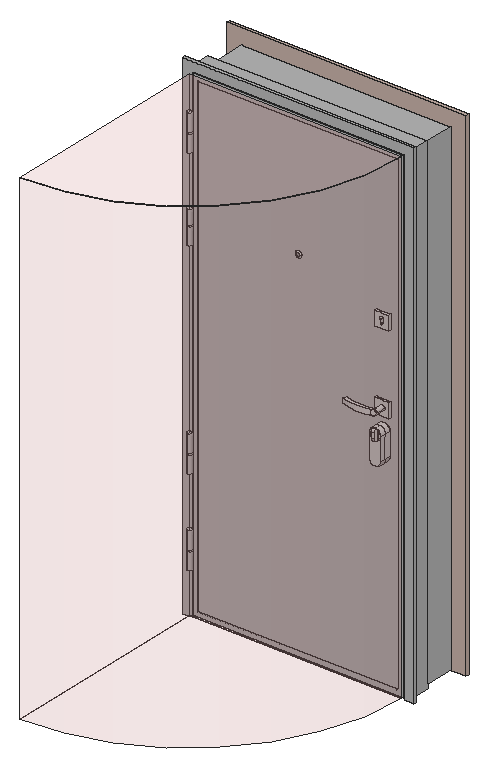
Revit family "ASSA ABLOY - DL1.3 PP30 RAPTOR, single-leaf, angular frame + PORTAL + Linus", category Doors, host Wall, Revit 2021
Family settings
  Host = Wall
  OmniClass Number = 23.30.10.00
  OmniClass Title = Doors
  Always vertical = Yes
  Cut with Voids When Loaded = No
  Shared = No
  Room Calculation Point = No
Parameters (values of type "800 x 2015 (808 x 2015)")
  View finder Height = 1530.000 mm  # constant formula
  URL = "https://www.assaabloy.com/pl/pl"
  Type Comments = "Leaf made of galvanized steel 1mm thick, four-side rebated. External cladding made of 6mm thick HDF/MDF panels."
  Symbol Radius = Door Leaf Width + 5.500 mm  # 895.000 mm
  Rough Width Conversion = 122.000 mm  # constant formula
  Rough Width Adjustment = 0.000 mm  # constant formula
  Rough Height Real = Height + Rough Height Conversion + Rough Height Adjustment  # 2075.000 mm
  Rough Height Conversion = 60.000 mm  # constant formula
  Rough Height Adjustment = 0.000 mm  # constant formula
  Rosette security set Height = Handle Height + 330.000 mm  # 1410.000 mm
  Portal Width Top [instance] = 80.000 mm
  Portal Width Right [instance] = 80.000 mm
  Portal Width Left [instance] = 80.000 mm
  Portal Material Finish = Default laminate
  Opening Zone [instance] = yes
  Model = "Doorset_Apartments Security Entrance Door RC3, NFR-EI30/ Wireless Access Control_ASSA ABLOY Opening Solutions_Hardware 3D"
  Hinges Visibility = Height > 1500.000 mm  # yes
  Hinges Material = Default steel
  Handle Height = if(Height < 1300.000 mm, Height - 280.000 mm, 1080.000 mm)  # 1080.000 mm
  HW Item 9 = "1x View finder, finish silver, black, brass_YALE"
  HW Item 8 = "1x Rosette security set_Standard ASSA ABLOY"
  HW Item 10 = "1x 206253: Vercy door stopper, max 120 kg_ASSA ABLOY (option) "
  Glyph Material Finish = Default steel
  Frame Finish [instance] = ""
  Fire Rating NFR (0) = [Fire Rating - Set Value] = 0  # yes
  Fire Rating EI30 (1) = [Fire Rating - Set Value] = 1  # no
  Fire Rating - Set Value = 0
  Fire Rating = if([Fire Rating NFR (0)], "NFR", if([Fire Rating EI30 (1)], "EI30", "0"))  # "NFR"
  Width Round = rounddown((Width / 5.000 mm)) * 5.000 mm  # 800.000 mm
  Thickness = 61.000 mm  # constant formula
  Smoke Rating = "Sa, S200"
  Rough Width = Width Round + 8.000 mm + Rough Width Conversion + Rough Width Adjustment  # 930.000 mm
  Rough Height = Height Round + 10.000 mm + Rough Height Conversion + Rough Height Adjustment  # 2085.000 mm
  Readme = "The actual lintel height is consistent with the Rough Height parameter.\nThe final HW Set should be consistent with the function of the door and its  parameters.\nHardware mounted on door surface may affect the clear passage opening. For verification, please contact the specification department."
  Provider = "ASSA ABLOY Opening Solutions"
  Product Group = "Single-Steel-Access Control"
  Name = "Apartments Security Entrance Door RC3, NFR-EI30/ Wireless Access Control"
  Min Door Width = 800.000 mm
  Min Door Height = 2015.000 mm
  Mechanical Strength = 4
  Max Door Width = 1000.000 mm
  Max Door Height = 2315.000 mm
  Manufacturer = "ASSA ABLOY"  # constant formula
  IfcExportType = "USERDEFINED"
  IfcExportAs = "IfcDoorType"
  Rough Width Real = Width + Rough Width Conversion + Rough Width Adjustment  # 922.000 mm
  Height Round = roundup((Height / 5.000 mm)) * 5.000 mm  # 2015.000 mm
  Hardware Set = "1.2PL"
  HW Item 7 = "1x Rosette security set (main lock)_Standard ASSA ABLOY"
  HW Item 6 = "1x Handle set_Standard ASSA ABLOY"
  HW Item 5 = "1x Yale Monoblock Safety 353P: mechanical mortice lockcase_YALE"
  HW Item 4 = "1x Yale Monoblock 354M: mechanical mortice lockcase (main lock)_YALE"
  HW Item 3 = "1x Mul-T-Lock 400/600: euro profile cylinder_Mul-T-Lock"
  HW Item 2 = "1x Yale Smart Keypad_YALE (option)"
  HW Item 1 = "1x Yale Linus® Smart Lock L2 _YALE"
  Function = Interior
  Height = 2015.000 mm
  Wall Closure = By host
  Width = 800.000 mm
  Frame Type = "Corner galvanized steel frame 1,5mm thick."
  Frame Material = Default steel
  Family name = "1.2_DOORSET_DL1.3 PP30 RAPTOR_SINGLE-LEAF_CORNER FRAME_ASSA ABLOY PL"
  Environmental Product Declaration (EPD) = "To be confirmed with Provider"  # constant formula
  Environmental Management System = "To be confirmed with Provider"  # constant formula
  Edition number = "1"
  Door Type = "DL1.3 PP30 RAPTOR"
  Door Material = Default steel
  Door Leaf Width = Width Round + 89.500 mm + Rough Width Adjustment  # 889.500 mm
  Door Finish Push Side [instance] = ""
  Door Finish Pull Side [instance] = ""
  Description = "DL1.3 PP30 RAPTOR, leaf made of galvanized steel sheets 1,0mm or 0,75mm thick, four-side rebated. External cladding made of 6mm thick HDF/MDF panels. Door equipped with 4 hinges painted in RAL with 3-dimmension adjustment, includng 1 self-closing R-spring, three anti-burglary pins on the hinge side and a panoramic viewer. Mechanical strenght - 4 class according to PN-EN 1192:2001. Burglary resistance – class RC3 according to PN-EN 1627:2012. Acoustic rating - Rw=42-47dB according to PN-EN ISO 717-1:2013-08. Thermal transmittance - Ud = 1,3 W/m2K. Corner galvanized steel frame 1,5mm thick, equipped with fixed threshold 20 mm height."
  Date of publishing = ""
  Contact Provider = "https://www.assaabloy.com/pl/pl/solutions/topics/bim-specification/contact"
  Brand = "ASSA ABLOY Mercor Doors Sp. z o. o."  # constant formula
  Author = "www.archispace.pl"
Reference planes
  plane 1: y = 0
  plane 2 "Center (Left/Right)": x = 0
  plane 3 "Exterior": y = 120
  plane 4 "Interior": y = -120
  plane 5: x = -461
  plane 6: x = 461
  plane 7: y = -71
  plane 8: y = -114
  plane 9: y = -132
  plane 10: x = -445.5
  plane 11: x = -428.5
  plane 12: x = 444
  plane 13: x = 427
  plane 14: z = 9
  plane 15: z = 2042
  plane 16: z = 26
  plane 17: x = 504
  plane 18: x = 424
  plane 19: x = -504
  plane 20: x = -424
  plane 21: z = 2120
  plane 22: z = 2040
  plane 23: y = -30
  plane 24: z = 2059
  plane 25: x = -420
  plane 26: x = 420
  plane 27: y = -71.8
  plane 28: y = -131.2
  plane 29: x = -427.7
  plane 30: x = 426.2
  plane 31: x = -444.7
  plane 32: x = 443.2
  plane 33: y = -114.8
  plane 34: z = 26.8
  plane 35: z = 9.8
  plane 36: z = 2041.2
  plane 37: y = 136
  plane 38: y = 136
  plane 39: x = -440
  plane 40: x = 440
  plane 41: x = -465
  plane 42: x = 465
  plane 43: y = -143
  plane 44: x = -450.5
  plane 45: z = 2075
  plane 46: z = 20
  plane 47: z = 2085
  plane 48: z = 2035
  plane 49: x = -380
  plane 50: z = 1915
  plane 51: z = 1845
  plane 52: z = 1837
  plane 53: z = 1767
  plane 54: z = 1549
  plane 55: z = 1494
  plane 56: z = 1486
  plane 57: z = 1416
  plane 58: z = 701
  plane 59: z = 631
  plane 60: z = 623
  plane 61: z = 553
  plane 62: z = 335
  plane 63: z = 265
  plane 64: z = 257
  plane 65: z = 187
  plane 66: x = 361
  plane 67: z = 1080
Forms (mm)
  Sweep 1, solid, material "Default steel" <- "Frame Material"
    path origin (0, -120, 0) x (1, 0, 0) y (0, 0, 1)
      loop
        line (-461, 0) -> (-461, 2076) -> (461, 2076) -> (461, 0)
    profile origin (-461, -120, 1038) x (-1, 0, 0) y (0, -1, 0)
      loop
        line (26.5, 0) -> (26.5, 12) -> (-13.5, 12) -> (-13.5, -9) -> (-26.5, -9) -> (-26.5, -65) -> (-36, -65) -> (-36, -54) -> (-41, -54) -> (-41, -90) -> (-10, -90) -> (-10, -87) -> (0, -87) -> (0, 0) -> (26.5, 0)
  Sweep 2, solid, material "Default steel" <- "Frame Material"
    path origin (-5000, -120, 0) x (1, 0, 0) y (0, 0, 1)
      loop
        line (4539, 0) -> (5461, 0)
    profile origin (0, -120, 0) x (0, 0, 1) y (0, -1, 0)
      loop
        line (0, -12) -> (0, -96) -> (20, -96) -> (20, -12) -> (0, -12)
  Sweep 3, solid, material "Default steel" <- "Door Material"
    path origin (-5000, -120, 0) x (1, 0, 0) y (0, 0, 1)
      loop
        line (4571.5, 2042) -> (4571.5, 26) -> (5427, 26) -> (5427, 2042) -> (4571.5, 2042)
    profile origin (-0.75, -120, 26) x (0, 0, -1) y (0, -1, 0)
      loop
        line (-0.8, 11.2) -> (-0.8, -5.2) -> (16.2, -5.2) -> (16.2, 11.2) -> (-0.8, 11.2)
  Sweep 4, solid, material "Default laminate" <- "Portal Material Finish"
    path origin (0, 120, 0) x (1, 0, 0) y (0, 0, 1)
      loop
        line (461, 0) -> (461, 2120)
    profile origin (461, 120, 1060) x (-1, 0, 0) y (0, -1, 0)
      loop
        line (37, 0) -> (-43, 0) -> (-43, -16) -> (37, -16) -> (37, 0)
  Sweep 5, solid, material "Default steel" <- "Glyph Material Finish"
    path origin (-5000, 0, 0) x (-1, 0, 0) y (0, 0, 1)
      loop
        line (-4539, 0) -> (-4539, 2077) -> (-5461, 2077) -> (-5461, 0)
    profile origin (-461, 0, 1038.5) x (1, 0, 0) y (0, 1, 0)
      loop
        line (21, 120) -> (21, -30) -> (37, -30) -> (37, 120) -> (21, 120)
  Sweep 6, solid, material "Default laminate" <- "Portal Material Finish"
    path origin (0, 120, 0) x (1, 0, 0) y (0, 0, 1)
      loop
        line (-461, 2120) -> (-461, 0)
    profile origin (-461, 120, 1060) x (0, -1, 0) y (1, 0, 0)
      loop
        line (-16, -43) -> (0, -43) -> (0, 37) -> (-16, 37) -> (-16, -43)
  Sweep 7, solid, material "Default laminate" <- "Portal Material Finish"
    path origin (0, 120, 0) x (1, 0, 0) y (0, 0, 1)
      loop
        line (504, 2077) -> (-504, 2077)
    profile origin (0, 120, 2077) x (0, 0, -1) y (0, -1, 0)
      loop
        line (37, 0) -> (-43, 0) -> (-43, -16) -> (37, -16) -> (37, 0)
  Sweep 8, solid, material "Default steel" <- "Door Material"
    path origin (-5000, -120, 0) x (1, 0, 0) y (0, 0, 1)
      loop
        line (5000, 26.8) -> (5000, 2041.2)
    profile origin (0, -120, 1034) x (-1, 0, 0) y (0, -1, 0)
      loop
        line (427.7, -48.2) -> (427.7, 11.2) -> (-426.2, 11.2) -> (-426.2, -48.2) -> (427.7, -48.2)
  Sweep 9, solid, material "Default steel" <- "Door Material"
    path origin (-5000, -120, 0) x (1, 0, 0) y (0, 0, 1)
      loop
        line (4571.5, 2042) -> (4571.5, 26) -> (5427, 26) -> (5427, 2042) -> (4571.5, 2042)
    profile origin (-0.75, -120, 26) x (0, 0, -1) y (0, -1, 0)
      loop
        line (0, -49) -> (0, -6) -> (17, -6) -> (17, 12) -> (-4, 12) -> (-4, 11.2) -> (16.2, 11.2) -> (16.2, -5.2) -> (-0.8, -5.2) -> (-0.8, -48.2) -> (-13, -48.2) -> (-13, -49) -> (0, -49)
  Sweep 10, solid, material "Opening zone", visible <- "Opening Zone"
    path origin (-5000, 0, 0) x (-1, 0, 0) y (0, 0, 1)
      loop
        line (-5000, 9) -> (-5000, 2059)
    profile origin (0, 0, 1034) x (1, 0, 0) y (0, 1, 0)
      loop
        line (-450.5, -143) -> (-450.5, -1038)
        arc (-450.5, -1038) -> (182.361, -775.861) -> (444.5, -143) r 895
        line (444.5, -143) -> (-450.5, -143)
  Sweep 11, solid, material "Default steel" <- "Hinges Material", detail levels fine
    path origin (-461.5, -143, 1200) x (-1, 0, 0) y (0, 0, 1)
      loop
        line (-11, 715) -> (-11, 645)
    profile origin (-450.5, -143, 1880) x (0, 1, 0) y (-1, 0, 0)
      loop
        circle (0, 0) r 11
  Sweep 12, solid, material "Default steel" <- "Hinges Material", detail levels fine
    path origin (-461.5, -143, 1200) x (-1, 0, 0) y (0, 0, 1)
      loop
        line (-11, 637) -> (-11, 567)
    profile origin (-450.5, -143, 1802) x (0, 1, 0) y (-1, 0, 0)
      loop
        circle (0, 0) r 11
  Sweep 13, solid, material "Default steel" <- "Hinges Material", detail levels fine
    path origin (-461.5, -143, 1200) x (-1, 0, 0) y (0, 0, 1)
      loop
        line (-11, 645) -> (-11, 637)
    profile origin (-450.5, -143, 1841) x (0, 1, 0) y (-1, 0, 0)
      loop
        circle (0, 0) r 10.5
  Sweep 14, solid, material "Default steel" <- "Hinges Material", visible <- "Hinges Visibility", detail levels fine
    path origin (-461.5, -143, 1200) x (-1, 0, 0) y (0, 0, 1)
      loop
        line (-11, 349) -> (-11, 294)
    profile origin (-450.5, -143, 1521.5) x (0, 1, 0) y (-1, 0, 0)
      loop
        circle (0, 0) r 11
  Sweep 15, solid, material "Default steel" <- "Hinges Material", visible <- "Hinges Visibility", detail levels fine
    path origin (-461.5, -143, 1200) x (-1, 0, 0) y (0, 0, 1)
      loop
        line (-11, 286) -> (-11, 216)
    profile origin (-450.5, -143, 1451) x (0, 1, 0) y (-1, 0, 0)
      loop
        circle (0, 0) r 11
  Sweep 16, solid, material "Default steel" <- "Hinges Material", visible <- "Hinges Visibility", detail levels fine
    path origin (-461.5, -143, 1200) x (-1, 0, 0) y (0, 0, 1)
      loop
        line (-11, 294) -> (-11, 286)
    profile origin (-450.5, -143, 1490) x (0, 1, 0) y (-1, 0, 0)
      loop
        circle (0, 0) r 10.5
  Sweep 17, solid, material "Default steel" <- "Hinges Material", visible <- "Hinges Visibility", detail levels fine
    path origin (-461.5, -143, 1200) x (-1, 0, 0) y (0, 0, 1)
      loop
        line (-11, -499) -> (-11, -569)
    profile origin (-450.5, -143, 666) x (0, 1, 0) y (-1, 0, 0)
      loop
        circle (0, 0) r 11
  Sweep 18, solid, material "Default steel" <- "Hinges Material", visible <- "Hinges Visibility", detail levels fine
    path origin (-461.5, -143, 1200) x (-1, 0, 0) y (0, 0, 1)
      loop
        line (-11, -577) -> (-11, -647)
    profile origin (-450.5, -143, 588) x (0, 1, 0) y (-1, 0, 0)
      loop
        circle (0, 0) r 11
  Sweep 19, solid, material "Default steel" <- "Hinges Material", visible <- "Hinges Visibility", detail levels fine
    path origin (-461.5, -143, 1200) x (-1, 0, 0) y (0, 0, 1)
      loop
        line (-11, -569) -> (-11, -577)
    profile origin (-450.5, -143, 627) x (0, 1, 0) y (-1, 0, 0)
      loop
        circle (0, 0) r 10.5
  Sweep 20, solid, material "Default steel" <- "Hinges Material", detail levels fine
    path origin (-461.5, -143, 1200) x (-1, 0, 0) y (0, 0, 1)
      loop
        line (-11, -865) -> (-11, -935)
    profile origin (-450.5, -143, 300) x (0, 1, 0) y (-1, 0, 0)
      loop
        circle (0, 0) r 11
  Sweep 21, solid, material "Default steel" <- "Hinges Material", detail levels fine
    path origin (-461.5, -143, 1200) x (-1, 0, 0) y (0, 0, 1)
      loop
        line (-11, -943) -> (-11, -1013)
    profile origin (-450.5, -143, 222) x (0, 1, 0) y (-1, 0, 0)
      loop
        circle (0, 0) r 11
  Sweep 22, solid, material "Default steel" <- "Hinges Material", detail levels fine
    path origin (-461.5, -143, 1200) x (-1, 0, 0) y (0, 0, 1)
      loop
        line (-11, -935) -> (-11, -943)
    profile origin (-450.5, -143, 261) x (0, 1, 0) y (-1, 0, 0)
      loop
        circle (0, 0) r 10.5
Cuts and joins
  joined: Sweep 1, Sweep 2
  joined: Sweep 4, Sweep 6, Sweep 7
  joined: Sweep 3, Sweep 8
Lines and regions (mm)
  Opening 1
    outline origin (-3050, -120, 0) x (1, 0, 0) y (0, 0, 1)
      loop
        line (2585, 0) -> (3515, 0) -> (3515, 2085) -> (2585, 2085) -> (2585, 0)
  Masking region 1, detail levels medium+fine
    outline origin (-1132.682, -300, 2042) x (-1, 0, 0) y (0, -1, 0)
      loop
        line (-628.682, -436) -> (-628.682, -420) -> (-708.682, -420) -> (-708.682, -436) -> (-628.682, -436)
      loop
        line (-1636.682, -436) -> (-1556.682, -436) -> (-1556.682, -420) -> (-1636.682, -420) -> (-1636.682, -436)
  Masking region 2, detail levels medium+fine
    outline origin (-1132.682, -300, 2042) x (-1, 0, 0) y (0, -1, 0)
      loop
        line (-708.682, -420) -> (-692.682, -420) -> (-692.682, -270) -> (-708.682, -270) -> (-708.682, -420)
      loop
        line (-1556.682, -420) -> (-1556.682, -270) -> (-1572.682, -270) -> (-1572.682, -420) -> (-1556.682, -420)
  Masking region 3, detail levels fine
    outline origin (-1132.682, -300, 2042) x (-1, 0, 0) y (0, -1, 0)
      loop
        line (-681.682, -270) -> (-681.682, -267) -> (-671.682, -267) -> (-671.682, -180) -> (-645.182, -180) -> (-645.182, -168) -> (-685.182, -168) -> (-685.182, -189) -> (-698.182, -189) -> (-698.182, -245) -> (-707.682, -245) -> (-707.682, -234) -> (-712.682, -234) -> (-712.682, -270) -> (-681.682, -270)
      loop
        line (-1583.682, -270) -> (-1552.682, -270) -> (-1552.682, -234) -> (-1557.682, -234) -> (-1557.682, -245) -> (-1567.182, -245) -> (-1567.182, -189) -> (-1580.182, -189) -> (-1580.182, -168) -> (-1620.182, -168) -> (-1620.182, -180) -> (-1593.682, -180) -> (-1593.682, -267) -> (-1583.682, -267) -> (-1583.682, -270)
  Masking region 4, detail levels medium
    outline origin (-1132.682, -300, 2042) x (-1, 0, 0) y (0, -1, 0)
      loop
        line (-671.682, -270) -> (-671.682, -180) -> (-645.182, -180) -> (-645.182, -168) -> (-712.682, -168) -> (-712.682, -270) -> (-671.682, -270)
      loop
        line (-1593.682, -270) -> (-1552.682, -270) -> (-1552.682, -168) -> (-1620.182, -168) -> (-1620.182, -180) -> (-1593.682, -180) -> (-1593.682, -270)
  Masking region 5, detail levels fine
    outline origin (-1132.682, -300, 2042) x (-1, 0, 0) y (0, -1, 0)
      loop
        circle (-682.182, -157) r 11
  symbolic lines, style "Elevation Swing"
    curve 1: line (444, -120, 1055) -> (-445.5, -120, 2059)
    curve 2: line (444, -120, 1055) -> (-445.5, -120, 9)
Text (mm)
  text "Exterior" at (-1376.75, 1099.543, 0), in view "Ref. Level"
  text "Exterior" at (0, 1615.38, 3698.081), in view "Left"
  text "Exterior" at (0, 1036.032, 3874.932), in view "Right"
Dimensions and locks
  host wall to curve 2 = 1055.000 mm
  locked: plane 3 "Exterior" to host wall
  locked: plane 4 "Interior" to host wall
  equal spacing: plane 5, plane 2 "Center (Left/Right)", plane 6
  "Rough Width Real": plane 5 to plane 6
  locked: plane 14 to level at 9
  locked: plane 5 to plane 10 at 15.5
  locked: plane 10 to plane 11 at 17
  locked: plane 12 to plane 6 at 17
  locked: plane 13 to plane 12 at 17
  locked: plane 16 to level at 26
  locked: plane 18 to plane 6 at 37
  "Portal Width Left": plane 18 to plane 17
  locked: plane 5 to plane 20 at 37
  "Portal Width Right": plane 19 to plane 20
  "Portal Width Top": plane 21 to plane 22
  locked: plane 4 "Interior" to plane 23 at 90
  locked: plane 5 to plane 25 at 41
  locked: plane 26 to plane 6 at 41
  locked: plane 28 to plane 9 at 0.8
  locked: plane 7 to plane 27 at 0.8
  locked: plane 11 to plane 29 at 0.8
  locked: plane 30 to plane 13 at 0.8
  locked: plane 10 to plane 31 at 0.8
  locked: plane 32 to plane 12 at 0.8
  locked: plane 33 to plane 8 at 0.8
  locked: plane 35 to plane 14 at 0.8
  locked: plane 34 to plane 16 at 0.8
  locked: plane 15 to plane 36 at 0.8
  locked: plane 3 "Exterior" to plane 37 at 16
  locked: plane 3 "Exterior" to plane 38 at 16
  locked: plane 39 to plane 20 at 16
  locked: plane 18 to plane 40 at 16
  locked: Masking region 3 sketch curve to plane 5 at 26.5
  locked: plane 5 to Masking region 3 sketch curve at 13.5
  locked: plane 5 to Masking region 3 sketch curve at 26.5
  locked: Masking region 3 sketch curve to plane 23 at 36  (x2)
  locked: Masking region 3 sketch curve to plane 23 at 81  (x2)
  locked: Masking region 3 sketch curve to plane 6 at 13.5
  locked: Masking region 3 sketch curve to plane 6 at 26.5
  locked: plane 6 to Masking region 3 sketch curve at 26.5
  locked: Masking region 4 sketch curve to plane 5 at 26.5
  locked: plane 6 to Masking region 4 sketch curve at 26.5
  locked: plane 5 to Masking region 5 sketch curve at 10.5
  locked: Masking region 5 sketch curve to plane 4 "Interior" at 23
  equal spacing: plane 41, plane 2 "Center (Left/Right)", plane 42
  "Rough Width": plane 41 to plane 42
  locked: plane 9 to plane 43 at 11
  locked: plane 41 to plane 44 at 14.5
  locked: plane 4 "Interior" to plane 33 at 5.2
  locked: plane 8 to plane 7 at 43
  locked: plane 9 to plane 4 "Interior" at 12
  locked: Masking region 3 sketch curve to plane 23 at 3  (x2)
  locked: plane 5 to Masking region 3 sketch curve at 10
  locked: Masking region 3 sketch curve to plane 23 at 25  (x2)
  locked: plane 5 to Masking region 3 sketch curve at 36
  locked: Masking region 3 sketch curve to plane 6 at 10
  locked: Masking region 3 sketch curve to plane 6 at 36
  locked: plane 46 to level at 20
  "Rough Height": plane 47 to level
  "Rough Height Real": plane 45 to level
  plane 21 to plane 45 = 45.000 mm
  locked: plane 45 to plane 24 at 16
  locked: plane 24 to plane 15 at 17
  plane 45 to plane 22 = 35.000 mm
  locked: plane 45 to plane 48 at 40
  locked: plane 5 to plane 49 at 81
  locked: plane 50 to plane 51 at 70
  locked: plane 52 to plane 53 at 70
  locked: plane 51 to plane 52 at 8
  locked: plane 56 to plane 57 at 70
  locked: plane 55 to plane 56 at 8
  locked: plane 54 to plane 55 at 55
  locked: plane 53 to plane 54 at 218
  locked: plane 58 to plane 59 at 70
  locked: plane 60 to plane 61 at 70
  locked: plane 59 to plane 60 at 8
  locked: plane 64 to plane 65 at 70
  locked: plane 63 to plane 64 at 8
  locked: plane 62 to plane 63 at 70
  locked: plane 61 to plane 62 at 218
  locked: plane 65 to level at 187
  locked: plane 24 to plane 50 at 144
  locked: plane 66 to plane 6 at 100
  locked: plane 47 to plane 22 at 45
  "Handle Height": plane 67 to level
  plane 67 to nested 4 = 93.000 mm
  locked: nested 4 to plane 67 at 93
  "Symbol Radius": radius of Sweep 10 sketch curve
  aligned and locked: Opening 1 sketch curve to level
  aligned and locked: plane 1 to host wall
  aligned and locked: level to Sweep 1 sketch curve  (x2)
  aligned and locked: Sweep 1 sketch curve to plane 5
  aligned and locked: plane 6 to Sweep 1 sketch curve
  aligned and locked: Sweep 2 sketch curve to level
  aligned and locked: plane 16 to Sweep 3 sketch curve
  aligned and locked: plane 11 to Sweep 3 sketch curve
  aligned and locked: plane 13 to Sweep 3 sketch curve
  aligned and locked: Sweep 3 sketch curve to plane 15
  aligned and locked: level to Sweep 4 sketch curve
  aligned and locked: plane 6 to Sweep 4 sketch curve
  aligned and locked: level to Sweep 5 sketch curve  (x2)
  aligned and locked: plane 6 to Sweep 5 sketch curve
  aligned and locked: Sweep 5 sketch curve to plane 5
  aligned and locked: Sweep 4 sketch curve to plane 18
  aligned and locked: plane 17 to Sweep 4 sketch curve
  aligned and locked: Sweep 6 sketch curve to plane 5
  aligned and locked: level to Sweep 6 sketch curve
  aligned and locked: plane 19 to Sweep 6 sketch curve
  aligned and locked: Sweep 6 sketch curve to plane 20
  aligned and locked: plane 21 to Sweep 7 sketch curve
  aligned and locked: Sweep 7 sketch curve to plane 22
  aligned and locked: plane 21 to Sweep 4 sketch curve
  aligned and locked: plane 21 to Sweep 6 sketch curve
  aligned and locked: plane 19 to Sweep 7 sketch curve
  aligned and locked: plane 17 to Sweep 7 sketch curve
  aligned and locked: Sweep 5 sketch curve to plane 3 "Exterior"
  aligned and locked: plane 23 to Sweep 5 sketch curve
  aligned and locked: plane 2 "Center (Left/Right)" to Sweep 8 sketch curve
  aligned and locked: plane 12 to curve 2
  aligned and locked: plane 24 to curve 1
  aligned and locked: plane 10 to curve 1
  aligned and locked: plane 10 to curve 2
  aligned and locked: plane 14 to curve 2
  aligned and locked: plane 16 to Sweep 9 sketch curve
  aligned and locked: plane 11 to Sweep 9 sketch curve
  aligned and locked: plane 13 to Sweep 9 sketch curve
  aligned and locked: Sweep 9 sketch curve to plane 15
  aligned and locked: Sweep 8 sketch curve to plane 27
  aligned and locked: plane 28 to Sweep 8 sketch curve
  aligned and locked: Sweep 3 sketch curve to plane 28
  aligned and locked: Sweep 8 sketch curve to plane 30
  aligned and locked: Sweep 8 sketch curve to plane 29
  aligned and locked: plane 33 to Sweep 3 sketch curve
  aligned and locked: plane 34 to Sweep 3 sketch curve
  aligned and locked: Sweep 3 sketch curve to plane 35
  aligned and locked: plane 34 to Sweep 8 sketch curve
  aligned and locked: plane 36 to Sweep 8 sketch curve
  aligned and locked: nested 1 to plane 2 "Center (Left/Right)"
  aligned and locked: plane 4 "Interior" to nested 1
  aligned and locked: Masking region 1 sketch curve to plane 19
  aligned and locked: Masking region 1 sketch curve to plane 37
  aligned and locked: Masking region 1 sketch curve to plane 3 "Exterior"
  aligned and locked: plane 38 to Masking region 1 sketch curve
  aligned and locked: plane 3 "Exterior" to Masking region 1 sketch curve
  aligned and locked: plane 17 to Masking region 1 sketch curve
  aligned and locked: plane 20 to Masking region 1 sketch curve
  aligned and locked: Masking region 1 sketch curve to plane 18
  aligned and locked: plane 39 to Masking region 2 sketch curve
  aligned and locked: Masking region 2 sketch curve to plane 3 "Exterior"
  aligned and locked: plane 23 to Masking region 2 sketch curve
  aligned and locked: Masking region 2 sketch curve to plane 20
  aligned and locked: Masking region 2 sketch curve to plane 40
  aligned and locked: Masking region 2 sketch curve to plane 23
  aligned and locked: Masking region 2 sketch curve to plane 18
  aligned and locked: plane 3 "Exterior" to Masking region 2 sketch curve
  aligned and locked: plane 9 to Masking region 3 sketch curve
  aligned and locked: plane 4 "Interior" to Masking region 3 sketch curve
  aligned and locked: Masking region 3 sketch curve to plane 5
  aligned and locked: plane 23 to Masking region 3 sketch curve
  aligned and locked: Masking region 3 sketch curve to plane 25
  aligned and locked: Masking region 3 sketch curve to plane 23
  aligned and locked: Masking region 3 sketch curve to plane 4 "Interior"
  aligned and locked: Masking region 3 sketch curve to plane 6
  aligned and locked: plane 26 to Masking region 3 sketch curve
  aligned and locked: Masking region 3 sketch curve to plane 9
  aligned and locked: Masking region 4 sketch curve to plane 25
  aligned and locked: plane 9 to Masking region 4 sketch curve
  aligned and locked: plane 23 to Masking region 4 sketch curve
  aligned and locked: Masking region 4 sketch curve to plane 5
  aligned and locked: plane 4 "Interior" to Masking region 4 sketch curve
  aligned and locked: Masking region 4 sketch curve to plane 6
  aligned and locked: Masking region 4 sketch curve to plane 4 "Interior"
  aligned and locked: Masking region 4 sketch curve to plane 23
  aligned and locked: plane 26 to Masking region 4 sketch curve
  aligned and locked: Masking region 4 sketch curve to plane 9
  aligned and locked: plane 41 to Opening 1 sketch curve
  aligned and locked: plane 42 to Opening 1 sketch curve
  aligned and locked: plane 2 "Center (Left/Right)" to Sweep 10 sketch curve
  aligned and locked: plane 44 to Sweep 10 sketch curve  (x2)
  aligned and locked: Sweep 10 sketch curve to plane 43
  aligned and locked: plane 43 to Sweep 10 sketch curve
  aligned and locked: plane 24 to Sweep 10 sketch curve
  aligned and locked: plane 14 to Sweep 10 sketch curve
  aligned and locked: plane 6 to Sweep 2 sketch curve
  aligned and locked: plane 5 to Sweep 2 sketch curve
  aligned and locked: Opening 1 sketch curve to plane 47
  aligned and locked: plane 50 to Sweep 11 sketch curve
  aligned and locked: plane 51 to Sweep 11 sketch curve
  aligned and locked: plane 52 to Sweep 12 sketch curve
  aligned and locked: plane 53 to Sweep 12 sketch curve
  aligned and locked: plane 51 to Sweep 13 sketch curve
  aligned and locked: plane 52 to Sweep 13 sketch curve
  aligned and locked: plane 56 to Sweep 15 sketch curve
  aligned and locked: plane 57 to Sweep 15 sketch curve
  aligned and locked: plane 55 to Sweep 16 sketch curve
  aligned and locked: plane 56 to Sweep 16 sketch curve
  aligned and locked: plane 55 to Sweep 14 sketch curve
  aligned and locked: plane 54 to Sweep 14 sketch curve
  aligned and locked: plane 62 to Sweep 20 sketch curve
  aligned and locked: plane 63 to Sweep 20 sketch curve
  aligned and locked: plane 63 to Sweep 22 sketch curve
  aligned and locked: plane 64 to Sweep 22 sketch curve
  aligned and locked: plane 64 to Sweep 21 sketch curve
  aligned and locked: plane 65 to Sweep 21 sketch curve
  aligned and locked: plane 61 to Sweep 18 sketch curve
  aligned and locked: plane 60 to Sweep 18 sketch curve
  aligned and locked: plane 60 to Sweep 19 sketch curve
  aligned and locked: plane 59 to Sweep 19 sketch curve
  aligned and locked: plane 59 to Sweep 17 sketch curve
  aligned and locked: plane 58 to Sweep 17 sketch curve
  aligned and locked: nested 2 to plane 28
  aligned and locked: nested 5 to plane 28
  aligned and locked: nested 3 to plane 28
  aligned and locked: nested 4 to plane 28
  aligned and locked: plane 66 to nested 3
  aligned and locked: plane 66 to nested 4
  aligned and locked: nested 3 to plane 67
  aligned and locked: plane 66 to nested 5
Automatic sketch dimensions
  profile plane to Sweep 2 sketch curve = 0.000 mm
  Sweep 2 sketch curve to Sweep 2 sketch curve = 20.000 mm
  Sweep 2 sketch curve to profile plane = 96.000 mm
  Sweep 2 sketch curve to profile plane = 12.000 mm
  plane 3 "Exterior" to Sweep 4 sketch curve = 0.000 mm
  Sweep 4 sketch curve to plane 3 "Exterior" = 16.000 mm
  Sweep 5 sketch curve to profile plane = 21.000 mm
  Sweep 5 sketch curve to Sweep 5 sketch curve = 16.000 mm
  plane 3 "Exterior" to Sweep 6 sketch curve = 0.000 mm
  Sweep 6 sketch curve to plane 3 "Exterior" = 16.000 mm
  Sweep 7 sketch curve to plane 3 "Exterior" = 0.000 mm
  Sweep 7 sketch curve to plane 3 "Exterior" = 16.000 mm
  Sweep 9 sketch curve to profile plane = 0.000 mm
  profile plane to Sweep 9 sketch curve = 0.800 mm
  profile plane to Sweep 9 sketch curve = 4.000 mm
  Sweep 9 sketch curve to Sweep 9 sketch curve = 12.200 mm
  Sweep 9 sketch curve to profile plane = 16.200 mm
  Sweep 9 sketch curve to Sweep 9 sketch curve = 0.800 mm  (x4)
  Sweep 9 sketch curve to profile plane = 49.000 mm
  Sweep 9 sketch curve to profile plane = 6.000 mm
  profile plane to Sweep 9 sketch curve = 11.200 mm
  plane 4 "Interior" to Sweep 1 sketch curve = 0.000 mm
  Sweep 1 sketch curve to profile plane = 0.000 mm
  profile plane to Sweep 1 sketch curve = 10.000 mm
  profile plane to Sweep 1 sketch curve = 13.500 mm
  Sweep 1 sketch curve to Sweep 1 sketch curve = 13.000 mm
  Sweep 1 sketch curve to Sweep 1 sketch curve = 9.500 mm
  Sweep 1 sketch curve to Sweep 1 sketch curve = 5.000 mm
  Sweep 1 sketch curve to Sweep 1 sketch curve = 26.500 mm
  Sweep 1 sketch curve to plane 4 "Interior" = 9.000 mm
  Sweep 1 sketch curve to Sweep 1 sketch curve = 56.000 mm
  Sweep 1 sketch curve to Sweep 1 sketch curve = 22.000 mm
  Sweep 1 sketch curve to Sweep 1 sketch curve = 25.000 mm
  plane 4 "Interior" to Sweep 1 sketch curve = 12.000 mm
  Sweep 1 sketch curve to Sweep 1 sketch curve = 11.000 mm
  plane 45 to Sweep 1 sketch curve = 1.000 mm
  plane 45 to Sweep 5 sketch curve = 2.000 mm
  plane 45 to Sweep 7 sketch curve = 2.000 mm
  Sweep 11 sketch curve to profile plane = 0.000 mm  (x2)
  Sweep 12 sketch curve to profile plane = 0.000 mm  (x2)
  Sweep 13 sketch curve to profile plane = 0.000 mm  (x2)
  Sweep 14 sketch curve to profile plane = 0.000 mm  (x2)
  Sweep 15 sketch curve to profile plane = 0.000 mm  (x2)
  Sweep 16 sketch curve to profile plane = 0.000 mm  (x2)
  Sweep 17 sketch curve to profile plane = 0.000 mm  (x2)
  Sweep 18 sketch curve to profile plane = 0.000 mm  (x2)
  Sweep 19 sketch curve to profile plane = 0.000 mm  (x2)
  Sweep 20 sketch curve to profile plane = 0.000 mm  (x2)
  Sweep 21 sketch curve to profile plane = 0.000 mm  (x2)
  Sweep 22 sketch curve to profile plane = 0.000 mm  (x2)
  plane 44 to Sweep 11 sketch curve = 0.000 mm
  plane 44 to Sweep 13 sketch curve = 0.000 mm
  plane 44 to Sweep 12 sketch curve = 0.000 mm
  plane 44 to Sweep 14 sketch curve = 0.000 mm
  plane 44 to Sweep 16 sketch curve = 0.000 mm
  plane 44 to Sweep 15 sketch curve = 0.000 mm
  plane 44 to Sweep 17 sketch curve = 0.000 mm
  plane 44 to Sweep 19 sketch curve = 0.000 mm
  plane 44 to Sweep 18 sketch curve = 0.000 mm
  plane 44 to Sweep 20 sketch curve = 0.000 mm
  plane 44 to Sweep 22 sketch curve = 0.000 mm
  plane 44 to Sweep 21 sketch curve = 0.000 mm
  radius of Masking region 5 sketch curve = 11.000 mm
  radius of Sweep 11 sketch curve = 11.000 mm
  radius of Sweep 12 sketch curve = 11.000 mm
  radius of Sweep 13 sketch curve = 10.500 mm
  radius of Sweep 14 sketch curve = 11.000 mm
  radius of Sweep 15 sketch curve = 11.000 mm
  radius of Sweep 16 sketch curve = 10.500 mm
  radius of Sweep 17 sketch curve = 11.000 mm
  radius of Sweep 18 sketch curve = 11.000 mm
  radius of Sweep 19 sketch curve = 10.500 mm
  radius of Sweep 20 sketch curve = 11.000 mm
  radius of Sweep 21 sketch curve = 11.000 mm
  radius of Sweep 22 sketch curve = 10.500 mm
Nested families
  nested 1: "Detail_Door symbol" at (0, -120, 2042), type "Detail_Door symbol"
  nested 2: "View finder, finish silver, black, brass_YALE" at (0, -131.2, 1530), built-in parameter 1001364 <- "View finder Height", Thickness <- "Thickness", visible <- "Hinges Visibility", type "View finder, finish silver, black, brass_YALE", detail levels fine
    with Thickness 61.000 mm
  nested 3: "Handle set_Standard ASSA ABLOY" at (361, -131.2, 1080), built-in parameter 1001364 <- "Handle Height", type "Handle set_Standard ASSA ABLOY", detail levels fine
    with Thickness 61.000 mm
  nested 4: "Yale Linus® Smart Lock L2 _YALE" at (361, -131.2, 987), type "Yale Linus® Smart Lock L2 _YALE", detail levels fine
  nested 5: "Rosette security set_Standard ASSA ABLOY" at (361, -131.2, 1410), built-in parameter 1001364 <- "Rosette security set Height", visible <- "Hinges Visibility", type "Rosette security set_Standard ASSA ABLOY", detail levels fine
    with Thickness 61.000 mm
Definition of nested family "View finder, finish silver, black, brass_YALE"
  Parameters (values of type "View finder, finish silver, black, brass_YALE")
    Thickness [instance] = 79.000 mm
    Default Elevation = 0.000 mm
  Reference planes
    plane 1 "Center (Front/Back)": y = 0
    plane 2: z = 0
    plane 3 "Center (Left/Right)": x = 0
    plane 4: z = 0
    plane 5: y = 77.4
    plane 6: y = -1.5
    plane 7: y = -3
    plane 8: y = 80.4
    plane 9: y = -2.7
    plane 10: y = -0.8
    plane 11: y = 78.2
  Forms (mm)
    Revolve 1, solid
      sketch origin (0, 0, 0) x (1, 0, 0) y (0, 1, 0)
        loop
          line (0, 0) -> (0, -1.5) -> (7.5, -1.5) -> (7.5, -3) -> (9.5, -3) -> (12.5, 0) -> (0, 0)
        axis (0, 0) -> (0, -3)
      angle from 0 to 360
    Sweep 2, solid
      path origin (0, 0, 0) x (1, 0, 0) y (0, 1, 0)
        loop
          line (0, 80.4) -> (0, 77.4)
      profile origin (0, 78.9, 0) x (1, 0, 0) y (0, 0, 1)
        loop
          circle (0, 0) r 9
    Sweep 3, solid
      path origin (0, 0, 0) x (1, 0, 0) y (0, 1, 0)
        loop
          line (0, -1.5) -> (0, -2.7)
      profile origin (0, -2.1, 0) x (1, 0, 0) y (0, 0, 1)
        loop
          circle (0, 0) r 7.5
  Dimensions and locks
    locked: plane 6 to plane 7 at 1.5
    plane 8 to plane 5 = 3.000 mm
    locked: plane 1 "Center (Front/Back)" to plane 7 at 3
    locked: plane 6 to plane 9 at 1.2
    locked: plane 11 to plane 5 at 0.8
    locked: plane 10 to plane 1 "Center (Front/Back)" at 0.8
    "Thickness": plane 11 to plane 10
    diameter of Sweep 2 sketch curve = 18.000 mm
    aligned and locked: level to plane 2
  Automatic sketch dimensions
    plane 1 "Center (Front/Back)" to Revolve 1 sketch curve = 0.000 mm
    Revolve 1 sketch curve to plane 3 "Center (Left/Right)" = 0.000 mm  (x2)
    Revolve 1 sketch curve to plane 6 = 0.000 mm
    Revolve 1 sketch curve to plane 7 = 0.000 mm
    plane 3 "Center (Left/Right)" to Revolve 1 sketch curve = 7.500 mm
    Revolve 1 sketch curve to Revolve 1 sketch curve = 2.000 mm
    Revolve 1 sketch curve to Revolve 1 sketch curve = 3.000 mm
    Revolve 1 sketch curve to plane 1 "Center (Front/Back)" = 5.000 mm
    Revolve 1 sketch curve to Revolve 1 sketch curve = 5.000 mm
    Sweep 2 sketch curve to plane 3 "Center (Left/Right)" = 0.000 mm
    Sweep 2 sketch curve to plane 5 = 0.000 mm
    Sweep 2 sketch curve to plane 8 = 0.000 mm
    Sweep 2 sketch curve to level = 0.000 mm
    profile plane to Sweep 2 sketch curve = 0.000 mm
    Sweep 3 sketch curve to plane 3 "Center (Left/Right)" = 0.000 mm
    Sweep 3 sketch curve to plane 9 = 0.000 mm
    Sweep 3 sketch curve to plane 6 = 0.000 mm
    Sweep 3 sketch curve to level = 0.000 mm
    profile plane to Sweep 3 sketch curve = 0.000 mm
    radius of Sweep 3 sketch curve = 7.500 mm
Definition of nested family "Handle set_Standard ASSA ABLOY"
  Parameters (values of type "Handle set_Standard ASSA ABLOY")
    Thickness = 79.000 mm
    Default Elevation = 0.000 mm
  Reference planes
    plane 1 "Center (Front/Back)": y = 0
    plane 2: z = 0
    plane 3 "Center (Left/Right)": x = 0
    plane 4: z = 0
    plane 5: y = 77.4
    plane 6: y = -10
    plane 7: y = 90.4
    plane 8: x = -133
    plane 9: y = -65
    plane 10: y = 145.4
    plane 11: y = -0.8
    plane 12: y = 78.2
  Forms (mm)
    Sweep 1, solid
      path origin (0, 0, 0) x (1, 0, 0) y (0, 1, 0)
        loop
          line (0, 0) -> (0, -10)
      profile origin (0, -5, 0) x (1, 0, 0) y (0, 0, 1)
        loop
          line (30, 30) -> (-30, 30) -> (-30, -30) -> (30, -30) -> (30, 30)
    Sweep 2, solid
      path origin (0, 70, 0) x (1, 0, 0) y (0, 1, 0)
        loop
          line (0, 7.4) -> (0, 20.4)
      profile origin (0, 83.9, 0) x (-1, 0, 0) y (0, 0, 1)
        loop
          line (-30, 30) -> (-30, -30) -> (30, -30) -> (30, 30) -> (-30, 30)
    Sweep 3, solid
      path origin (0, 0, 0) x (1, 0, 0) y (0, 1, 0)
        loop
          line (0, -10) -> (0, -65)
      profile origin (0, -37.5, 0) x (1, 0, 0) y (0, 0, 1)
        loop
          circle (0, 0) r 10
    Sweep 4, solid
      path origin (0, 0, 0) x (1, 0, 0) y (0, 0, 1)
        loop
          line (0, 10) -> (0, -10)
      profile origin (0, 0, 0) x (0, -1, 0) y (1, 0, 0)
        loop
          arc (33.243, 10) -> (49.965, -58.132) -> (36.109, -126.903) r 160.917
          line (36.109, -126.903) -> (49.814, -133)
          arc (49.814, -133) -> (65, -61.5) -> (49.814, 10) r 175.917
          line (49.814, 10) -> (33.243, 10)
    Sweep 5, void
      path origin (0, 0, 0) x (1, 0, 0) y (0, 0, 1)
        loop
          line (0, 10) -> (0, -10)
      profile origin (0, 0, 0) x (0, -1, 0) y (1, 0, 0)
        loop
          arc (43.629, 22.537) -> (53.667, 0.62) -> (60.614, -22.463) r 175.917
          line (60.614, -22.463) -> (65, -22.463) -> (65, 22.537) -> (43.629, 22.537)
    Sweep 6, void
      path origin (0, 0, 0) x (1, 0, 0) y (0, 1, 0)
        loop
          line (0, -10) -> (0, -55)
      profile origin (0, -32.5, 0) x (1, 0, 0) y (0, 0, 1)
        loop
          line (0, -10) -> (15, -10) -> (15, 10) -> (0, 10)
          arc (0, 10) -> (10, 0) -> (0, -10) r 10
    Sweep 7, solid
      path origin (0, 76, 0) x (1, 0, 0) y (0, 1, 0)
        loop
          line (0, 14.4) -> (0, 69.4)
      profile origin (0, 117.9, 0) x (-1, 0, 0) y (0, 0, 1)
        loop
          circle (0, 0) r 10
    Sweep 8, solid
      path origin (-184.672, 77.4, 1200) x (-1, 0, 0) y (0, 0, 1)
        loop
          line (-184.672, -1190) -> (-184.672, -1210)
      profile origin (0, 77.4, 0) x (0, 1, 0) y (-1, 0, 0)
        loop
          line (36.243, -10) -> (52.814, -10)
          arc (52.814, -10) -> (68, 61.5) -> (52.814, 133) r 175.917
          line (52.814, 133) -> (39.109, 126.903)
          arc (39.109, 126.903) -> (52.965, 58.132) -> (36.243, -10) r 160.917
    Sweep 9, void
      path origin (-184.672, 77.4, 1200) x (-1, 0, 0) y (0, 0, 1)
        loop
          line (-184.672, -1190) -> (-184.672, -1210)
      profile origin (0, 77.4, 0) x (0, 1, 0) y (-1, 0, 0)
        loop
          line (46.629, -21.928) -> (68, -21.928) -> (68, 22.463) -> (63.614, 22.463)
          arc (63.614, 22.463) -> (56.654, -0.319) -> (46.629, -21.928) r 172.993
    Sweep 10, void
      path origin (0, 76, 0) x (1, 0, 0) y (0, 1, 0)
        loop
          line (0, 14.4) -> (0, 59.4)
      profile origin (0, 112.9, 0) x (-1, 0, 0) y (0, 0, 1)
        loop
          arc (0, -10) -> (-10, 0) -> (0, 10) r 10
          line (0, 10) -> (-15, 10) -> (-15, -10) -> (0, -10)
  Cuts and joins
    Sweep 5, Sweep 9, Sweep 10 cuts Sweep 3
    Sweep 6, Sweep 9, Sweep 10 cuts Sweep 4
    joined: Sweep 3, Sweep 4
    Sweep 10 cuts Sweep 1
    Sweep 9 cuts Sweep 7
    Sweep 10 cuts Sweep 8
    joined: Sweep 7, Sweep 8
  Dimensions and locks
    locked: plane 7 to plane 5 at 13
    locked: plane 6 to plane 9 at 55
    locked: plane 10 to plane 7 at 55
    locked: plane 12 to plane 5 at 0.8
    "Thickness": plane 12 to plane 11
    locked: plane 1 "Center (Front/Back)" to plane 11 at 0.8
    locked: plane 6 to plane 1 "Center (Front/Back)" at 10
    aligned and locked: level to plane 2
  Automatic sketch dimensions
    Sweep 1 sketch curve to plane 3 "Center (Left/Right)" = 0.000 mm
    Sweep 1 sketch curve to plane 6 = 0.000 mm
    plane 1 "Center (Front/Back)" to Sweep 1 sketch curve = 0.000 mm
    profile plane to Sweep 1 sketch curve = 30.000 mm
    Sweep 1 sketch curve to profile plane = 30.000 mm
    Sweep 1 sketch curve to level = 30.000 mm
    level to Sweep 1 sketch curve = 30.000 mm
    Sweep 2 sketch curve to plane 3 "Center (Left/Right)" = 0.000 mm
    Sweep 2 sketch curve to plane 5 = 0.000 mm
    Sweep 2 sketch curve to plane 7 = 0.000 mm
    profile plane to Sweep 2 sketch curve = 30.000 mm
    Sweep 2 sketch curve to profile plane = 30.000 mm
    Sweep 2 sketch curve to level = 30.000 mm
    level to Sweep 2 sketch curve = 30.000 mm
    Sweep 3 sketch curve to plane 3 "Center (Left/Right)" = 0.000 mm
    Sweep 3 sketch curve to plane 9 = 0.000 mm
    Sweep 3 sketch curve to plane 6 = 0.000 mm
    Sweep 3 sketch curve to level = 0.000 mm
    profile plane to Sweep 3 sketch curve = 0.000 mm
    Sweep 4 sketch curve to plane 3 "Center (Left/Right)" = 0.000 mm
    Sweep 4 sketch curve to level = 10.000 mm
    level to Sweep 4 sketch curve = 10.000 mm
    Sweep 4 sketch curve to Sweep 4 sketch curve = 0.000 mm  (x2)
    Sweep 4 sketch curve to plane 1 "Center (Front/Back)" = 110.917 mm
    Sweep 4 sketch curve to profile plane = 10.000 mm
    plane 1 "Center (Front/Back)" to Sweep 4 sketch curve = 33.243 mm
    plane 1 "Center (Front/Back)" to Sweep 4 sketch curve = 36.109 mm
    Sweep 4 sketch curve to Sweep 4 sketch curve = 16.572 mm
    Sweep 4 sketch curve to Sweep 4 sketch curve = 13.705 mm
    profile plane to Sweep 4 sketch curve = 61.500 mm
    Sweep 5 sketch curve to plane 3 "Center (Left/Right)" = 0.000 mm
    Sweep 5 sketch curve to level = 10.000 mm
    level to Sweep 5 sketch curve = 10.000 mm
    Sweep 5 sketch curve to profile plane = 110.917 mm
    Sweep 5 sketch curve to profile plane = 22.537 mm
    profile plane to Sweep 5 sketch curve = 43.629 mm
    profile plane to Sweep 5 sketch curve = 22.463 mm
    Sweep 5 sketch curve to Sweep 5 sketch curve = 16.985 mm
    Sweep 5 sketch curve to Sweep 5 sketch curve = 21.371 mm
    Sweep 6 sketch curve to plane 3 "Center (Left/Right)" = 0.000 mm
    Sweep 6 sketch curve to plane 6 = 0.000 mm
    plane 9 to Sweep 6 sketch curve = 10.000 mm
    profile plane to Sweep 6 sketch curve = 0.000 mm
    Sweep 6 sketch curve to level = 0.000 mm
    Sweep 6 sketch curve to profile plane = 15.000 mm
    Sweep 6 sketch curve to level = 10.000 mm
    Sweep 7 sketch curve to plane 3 "Center (Left/Right)" = 0.000 mm
    Sweep 7 sketch curve to plane 7 = 0.000 mm
    plane 10 to Sweep 7 sketch curve = 0.000 mm
    Sweep 7 sketch curve to level = 0.000 mm
    Sweep 7 sketch curve to profile plane = 0.000 mm
    Sweep 8 sketch curve to plane 3 "Center (Left/Right)" = 0.000 mm
    Sweep 8 sketch curve to level = 10.000 mm
    level to Sweep 8 sketch curve = 10.000 mm
    Sweep 8 sketch curve to Sweep 8 sketch curve = 0.000 mm  (x2)
    Sweep 8 sketch curve to plane 5 = 107.917 mm
    profile plane to Sweep 8 sketch curve = 10.000 mm
    plane 5 to Sweep 8 sketch curve = 36.243 mm
    plane 5 to Sweep 8 sketch curve = 39.109 mm
    Sweep 8 sketch curve to Sweep 8 sketch curve = 16.572 mm
    Sweep 8 sketch curve to Sweep 8 sketch curve = 13.705 mm
    Sweep 8 sketch curve to profile plane = 61.500 mm
    Sweep 9 sketch curve to plane 3 "Center (Left/Right)" = 0.000 mm
    Sweep 9 sketch curve to level = 10.000 mm
    level to Sweep 9 sketch curve = 10.000 mm
    Sweep 9 sketch curve to plane 5 = 104.917 mm
    plane 5 to Sweep 9 sketch curve = 46.629 mm
    Sweep 9 sketch curve to profile plane = 22.463 mm
    Sweep 9 sketch curve to Sweep 9 sketch curve = 16.985 mm
    Sweep 9 sketch curve to Sweep 9 sketch curve = 21.371 mm
    profile plane to Sweep 9 sketch curve = 21.928 mm
    Sweep 10 sketch curve to plane 3 "Center (Left/Right)" = 0.000 mm
    Sweep 10 sketch curve to plane 7 = 0.000 mm
    plane 10 to Sweep 10 sketch curve = 10.000 mm
    Sweep 10 sketch curve to profile plane = 0.000 mm
    Sweep 10 sketch curve to level = 0.000 mm
    Sweep 10 sketch curve to Sweep 10 sketch curve = 15.000 mm
    Sweep 10 sketch curve to level = 10.000 mm
    radius of Sweep 3 sketch curve = 10.000 mm
    radius of Sweep 7 sketch curve = 10.000 mm
Definition of nested family "Yale Linus® Smart Lock L2 _YALE"
  Parameters (values of type "Yale Linus® Smart Lock L2 _YALE")
    Thickness = 61.000 mm
    Default Elevation = 0.000 mm
  Reference planes
    plane 1 "Center (Front/Back)": y = 0
    plane 2: z = 0
    plane 3 "Center (Left/Right)": x = 0
    plane 4: z = 0
    plane 5: y = 59.4
    plane 6: y = -3.7
    plane 7: y = 72.4
    plane 8: x = -133
    plane 9: y = -0.8
    plane 10: y = 60.2
    plane 11: y = 73.4
    plane 12: y = -25.7
    plane 13: y = -45.7
    plane 14: y = -44.7
    plane 15: y = -57.95
  Forms (mm)
    Sweep 1, solid
      path origin (0, 0, 0) x (1, 0, 0) y (0, 1, 0)
        loop
          line (0, 0) -> (0, -3.7)
      profile origin (0, -1.85, 0) x (1, 0, 0) y (0, 0, 1)
        loop
          line (-25, 8) -> (-25, -86.5)
          arc (-25, -86.5) -> (0, -111.5) -> (25, -86.5) r 25
          line (25, -86.5) -> (25, 8)
          arc (25, 8) -> (0, 33) -> (-25, 8) r 25
    Sweep 2, solid
      path origin (0, 70, 0) x (1, 0, 0) y (0, 1, 0)
        loop
          line (0, -10.6) -> (0, 2.4)
      profile origin (0, 65.9, 0) x (-1, 0, 0) y (0, 0, 1)
        loop
          line (-30, 30) -> (-30, -30) -> (30, -30) -> (30, 30) -> (-30, 30)
    Sweep 3, solid
      path origin (0, 76, 0) x (1, 0, 0) y (0, 1, 0)
        loop
          line (0, -3.6) -> (0, -2.6)
      profile origin (0, 72.9, 0) x (-1, 0, 0) y (0, 0, 1)
        loop
          circle (0, 8) r 8.75
        loop
          arc (13.5, 8) -> (0, 21.5) -> (-13.5, 8) r 13.5
          line (-13.5, 8) -> (-13.5, -6)
          arc (-13.5, -6) -> (0, -19.5) -> (13.5, -6) r 13.5
          line (13.5, -6) -> (13.5, 8)
    Sweep 4, solid
      path origin (0, 76, 0) x (1, 0, 0) y (0, 1, 0)
        loop
          line (0, -3.6) -> (0, -2.6)
      profile origin (0, 72.9, 0) x (-1, 0, 0) y (0, 0, 1)
        loop
          circle (0, 8) r 8.5
    Sweep 5, void
      path origin (0, 77.909, 0) x (1, 0, 0) y (0, 1, 0)
        loop
          line (0, -5.509) -> (0, -4.509)
      profile origin (0, 72.9, 0) x (-1, 0, 0) y (0, 0, 1)
        loop
          line (-6, 6) -> (6, 6)
          arc (6, 6) -> (8, 8) -> (6, 10) r 2
          line (6, 10) -> (-6, 10)
          arc (-6, 10) -> (-8, 8) -> (-6, 6) r 2
    SweptBlend 6, solid
      path origin (0, 0, 0) x (1, 0, 0) y (0, 1, 0)
        loop
          line (0, -3.7) -> (0, -25.7)
      profile origin (0, -3.7, 0) x (1, 0, 0) y (0, 0, 1)
        loop
          line (-26, 8) -> (-26, -86.5)
          arc (-26, -86.5) -> (0, -112.5) -> (26, -86.5) r 26
          line (26, -86.5) -> (26, 8)
          arc (26, 8) -> (0, 34) -> (-26, 8) r 26
      end profile origin (0, -25.7, 0) x (1, 0, 0) y (0, 0, 1)
        loop
          line (-25.5, 8) -> (-25.5, -86.5)
          arc (-25.5, -86.5) -> (0, -112) -> (25.5, -86.5) r 25.5
          line (25.5, -86.5) -> (25.5, 8)
          arc (25.5, 8) -> (0, 33.5) -> (-25.5, 8) r 25.5
    SweptBlend 7, solid
      path origin (0, -22, 0) x (1, 0, 0) y (0, 1, 0)
        loop
          line (0, -3.7) -> (0, -23.7)
      profile origin (0, -25.7, 0) x (1, 0, 0) y (0, 0, 1)
        loop
          line (-25.5, 8) -> (-25.5, -86.5)
          arc (-25.5, -86.5) -> (0, -112) -> (25.5, -86.5) r 25.5
          line (25.5, -86.5) -> (25.5, 8)
          arc (25.5, 8) -> (0, 33.5) -> (-25.5, 8) r 25.5
      end profile origin (0, -45.7, 0) x (1, 0, 0) y (0, 0, 1)
        loop
          line (-24.5, 8) -> (-24.5, -86.5)
          arc (-24.5, -86.5) -> (0, -111) -> (24.5, -86.5) r 24.5
          line (24.5, -86.5) -> (24.5, 8)
          arc (24.5, 8) -> (0, 32.5) -> (-24.5, 8) r 24.5
    Sweep 8, void
      path origin (0, 0, 0) x (1, 0, 0) y (0, 1, 0)
        loop
          line (0, -45.7) -> (0, -44.7)
      profile origin (0, -45.2, 0) x (-1, 0, 0) y (0, 0, 1)
        loop
          circle (0, 8) r 22.25
        loop
          circle (0, 8) r 22
    Sweep 9, solid
      path origin (0, 0, 0) x (1, 0, 0) y (0, 0, 1)
        loop
          line (-22, 8) -> (22, 8)
      profile origin (0, 0, 8) x (0, 0, 1) y (0, -1, 0)
        loop
          arc (-11.722, 57.95) -> (-17.941, 55.687) -> (-21.25, 49.956) r 9.674
          line (-21.25, 49.956) -> (-22, 45.7) -> (22, 45.7) -> (21.25, 49.956)
          arc (21.25, 49.956) -> (17.941, 55.687) -> (11.722, 57.95) r 9.674
          line (11.722, 57.95) -> (-11.722, 57.95)
    Sweep 10, void
      path origin (0, 0, 0) x (1, 0, 0) y (0, 0, 1)
        loop
          line (0, 30) -> (0, -14)
      profile origin (0, 0, 8) x (0, -1, 0) y (1, 0, 0)
        loop
          line (57.95, 5.25) -> (57.95, -5.25) -> (49.2, -7.25)
          arc (49.2, -7.25) -> (47, -8.425) -> (45.7, -10.553) r 4.746
          line (45.7, -10.553) -> (45.7, -22.25) -> (58.943, -22.25) -> (58.943, 22.25) -> (45.7, 22.25) -> (45.7, 10.553)
          arc (45.7, 10.553) -> (47, 8.425) -> (49.2, 7.25) r 4.746
          line (49.2, 7.25) -> (57.95, 5.25)
    Sweep 11, void
      path origin (0, 0, 0) x (1, 0, 0) y (0, 1, 0)
        loop
          line (0, -57.95) -> (0, -45.7)
      profile origin (0, -51.825, 0) x (-1, 0, 0) y (0, 0, 1)
        loop
          circle (0, 8) r 22
        loop
          circle (0, 8) r 26
  Cuts and joins
    Sweep 5 cuts Sweep 4
    Sweep 8 cuts SweptBlend 7
    joined: Sweep 1, SweptBlend 6, SweptBlend 7
    Sweep 10, Sweep 11 cuts Sweep 9
  Dimensions and locks
    locked: plane 7 to plane 5 at 13
    locked: plane 10 to plane 5 at 0.8
    "Thickness": plane 10 to plane 9
    locked: plane 1 "Center (Front/Back)" to plane 9 at 0.8
    locked: plane 6 to plane 1 "Center (Front/Back)" at 3.7
    locked: plane 11 to plane 7 at 1
    locked: plane 6 to plane 12 at 22
    locked: plane 12 to plane 13 at 20
    locked: plane 14 to plane 13 at 1
    aligned and locked: level to plane 2
    aligned and locked: plane 11 to Sweep 3 sketch curve
    aligned and locked: plane 11 to Sweep 4 sketch curve
    aligned and locked: plane 7 to Sweep 4 sketch curve
    aligned and locked: plane 3 "Center (Left/Right)" to Sweep 4 sketch curve
    aligned and locked: plane 7 to Sweep 5 sketch curve
    aligned and locked: plane 11 to Sweep 5 sketch curve
    aligned and locked: plane 3 "Center (Left/Right)" to Sweep 5 sketch curve
    aligned and locked: plane 6 to SweptBlend 6 sketch curve
    aligned and locked: plane 12 to SweptBlend 6 sketch curve
    aligned and locked: SweptBlend 6 sketch curve to plane 3 "Center (Left/Right)"
    aligned and locked: plane 12 to SweptBlend 7 sketch curve
    aligned and locked: SweptBlend 7 sketch curve to plane 3 "Center (Left/Right)"
    aligned and locked: plane 13 to SweptBlend 7 sketch curve
    aligned and locked: plane 14 to Sweep 8 sketch curve
    aligned and locked: plane 13 to Sweep 8 sketch curve
    aligned and locked: plane 3 "Center (Left/Right)" to Sweep 8 sketch curve
    aligned and locked: plane 13 to Sweep 11 sketch curve
    aligned and locked: plane 3 "Center (Left/Right)" to Sweep 11 sketch curve
    aligned and locked: plane 15 to Sweep 11 sketch curve
  Automatic sketch dimensions
    Sweep 1 sketch curve to plane 3 "Center (Left/Right)" = 0.000 mm
    Sweep 1 sketch curve to plane 6 = 0.000 mm
    plane 1 "Center (Front/Back)" to Sweep 1 sketch curve = 0.000 mm
    profile plane to Sweep 1 sketch curve = 0.000 mm
    profile plane to Sweep 1 sketch curve = 25.000 mm
    Sweep 1 sketch curve to level = 86.500 mm
    level to Sweep 1 sketch curve = 8.000 mm
    Sweep 2 sketch curve to plane 3 "Center (Left/Right)" = 0.000 mm
    Sweep 2 sketch curve to plane 5 = 0.000 mm
    Sweep 2 sketch curve to plane 7 = 0.000 mm
    profile plane to Sweep 2 sketch curve = 30.000 mm
    Sweep 2 sketch curve to profile plane = 30.000 mm
    Sweep 2 sketch curve to level = 30.000 mm
    level to Sweep 2 sketch curve = 30.000 mm
    Sweep 3 sketch curve to plane 3 "Center (Left/Right)" = 0.000 mm
    Sweep 3 sketch curve to plane 7 = 0.000 mm
    Sweep 3 sketch curve to Sweep 3 sketch curve = 0.000 mm  (x2)
    Sweep 3 sketch curve to profile plane = 0.000 mm
    Sweep 3 sketch curve to level = 6.000 mm
    profile plane to Sweep 3 sketch curve = 13.500 mm
    level to Sweep 3 sketch curve = 8.000 mm
    Sweep 4 sketch curve to profile plane = 0.000 mm
    level to Sweep 4 sketch curve = 8.000 mm
    profile plane to Sweep 5 sketch curve = 6.000 mm
    Sweep 5 sketch curve to profile plane = 6.000 mm
    level to Sweep 5 sketch curve = 6.000 mm
    Sweep 5 sketch curve to Sweep 5 sketch curve = 2.000 mm
    profile plane to SweptBlend 6 sketch curve = 0.000 mm  (x2)
    profile plane to SweptBlend 6 sketch curve = 26.000 mm
    SweptBlend 6 sketch curve to level = 86.500 mm  (x2)
    level to SweptBlend 6 sketch curve = 8.000 mm  (x2)
    profile plane to SweptBlend 6 sketch curve = 25.500 mm
    profile plane to SweptBlend 7 sketch curve = 0.000 mm  (x2)
    profile plane to SweptBlend 7 sketch curve = 25.500 mm
    SweptBlend 7 sketch curve to level = 86.500 mm  (x2)
    level to SweptBlend 7 sketch curve = 8.000 mm  (x2)
    profile plane to SweptBlend 7 sketch curve = 24.500 mm
    Sweep 8 sketch curve to Sweep 8 sketch curve = 0.000 mm  (x2)
    Sweep 8 sketch curve to profile plane = 0.000 mm
    level to Sweep 8 sketch curve = 8.000 mm
    level to Sweep 9 sketch curve = 8.000 mm
    Sweep 9 sketch curve to plane 3 "Center (Left/Right)" = 22.000 mm
    plane 3 "Center (Left/Right)" to Sweep 9 sketch curve = 22.000 mm
    profile plane to Sweep 9 sketch curve = 21.250 mm
    Sweep 9 sketch curve to Sweep 9 sketch curve = 9.527 mm  (x2)
    Sweep 9 sketch curve to profile plane = 11.722 mm
    plane 1 "Center (Front/Back)" to Sweep 9 sketch curve = 48.276 mm
    Sweep 9 sketch curve to Sweep 9 sketch curve = 0.000 mm
    Sweep 9 sketch curve to Sweep 9 sketch curve = 1.680 mm
    Sweep 9 sketch curve to Sweep 9 sketch curve = 0.750 mm  (x2)
    Sweep 9 sketch curve to Sweep 9 sketch curve = 4.256 mm
    Sweep 10 sketch curve to plane 3 "Center (Left/Right)" = 0.000 mm
    Sweep 10 sketch curve to level = 14.000 mm
    level to Sweep 10 sketch curve = 30.000 mm
    profile plane to Sweep 10 sketch curve = 22.250 mm
    plane 1 "Center (Front/Back)" to Sweep 10 sketch curve = 45.700 mm
    Sweep 10 sketch curve to profile plane = 10.553 mm
    Sweep 10 sketch curve to Sweep 10 sketch curve = 0.000 mm
    profile plane to Sweep 10 sketch curve = 7.250 mm
    Sweep 10 sketch curve to Sweep 10 sketch curve = 3.500 mm  (x2)
    Sweep 10 sketch curve to profile plane = 7.250 mm
    Sweep 10 sketch curve to Sweep 10 sketch curve = 4.557 mm  (x2)
    Sweep 10 sketch curve to Sweep 10 sketch curve = 13.243 mm
    Sweep 10 sketch curve to Sweep 10 sketch curve = 4.626 mm
    Sweep 10 sketch curve to Sweep 10 sketch curve = 10.374 mm
    Sweep 10 sketch curve to profile plane = 5.250 mm
    profile plane to Sweep 10 sketch curve = 5.250 mm
    Sweep 10 sketch curve to Sweep 10 sketch curve = 8.750 mm
    Sweep 11 sketch curve to Sweep 11 sketch curve = 0.000 mm  (x2)
    Sweep 11 sketch curve to profile plane = 0.000 mm
    level to Sweep 11 sketch curve = 8.000 mm
    radius of Sweep 3 sketch curve = 8.750 mm
    radius of Sweep 4 sketch curve = 8.500 mm
    radius of Sweep 8 sketch curve = 22.250 mm
    radius of Sweep 8 sketch curve = 22.000 mm
    radius of Sweep 11 sketch curve = 22.000 mm
    radius of Sweep 11 sketch curve = 26.000 mm
Definition of nested family "Rosette security set_Standard ASSA ABLOY"
  Parameters (values of type "Rosette security set_Standard ASSA ABLOY")
    Thickness = 79.000 mm
    Default Elevation = 0.000 mm
  Reference planes
    plane 1 "Center (Front/Back)": y = 0
    plane 2: z = 0
    plane 3 "Center (Left/Right)": x = 0
    plane 4: z = 0
    plane 5: y = 77.4
    plane 6: y = -10
    plane 7: y = 90.4
    plane 8: x = -133
    plane 9: y = -0.8
    plane 10: y = 78.2
    plane 11: y = 91.4
  Forms (mm)
    Sweep 1, solid
      path origin (0, 0, 0) x (1, 0, 0) y (0, 1, 0)
        loop
          line (0, 0) -> (0, -10)
      profile origin (0, -5, 0) x (1, 0, 0) y (0, 0, 1)
        loop
          line (30, 30) -> (-30, 30) -> (-30, -30) -> (30, -30) -> (30, 30)
    Sweep 2, solid
      path origin (0, 70, 0) x (1, 0, 0) y (0, 1, 0)
        loop
          line (0, 7.4) -> (0, 20.4)
      profile origin (0, 83.9, 0) x (-1, 0, 0) y (0, 0, 1)
        loop
          line (-30, 30) -> (-30, -30) -> (30, -30) -> (30, 30) -> (-30, 30)
    Sweep 3, void
      path origin (0, 0, 0) x (1, 0, 0) y (0, 1, 0)
        loop
          line (0, -10) -> (0, -0.8)
      profile origin (0, -5.4, 0) x (-1, 0, 0) y (0, 0, 1)
        loop
          arc (5.25, 1) -> (0, 16.75) -> (-5.25, 1) r 8.75
          line (-5.25, 1) -> (-5.25, -11.5)
          arc (-5.25, -11.5) -> (0, -16.75) -> (5.25, -11.5) r 5.25
